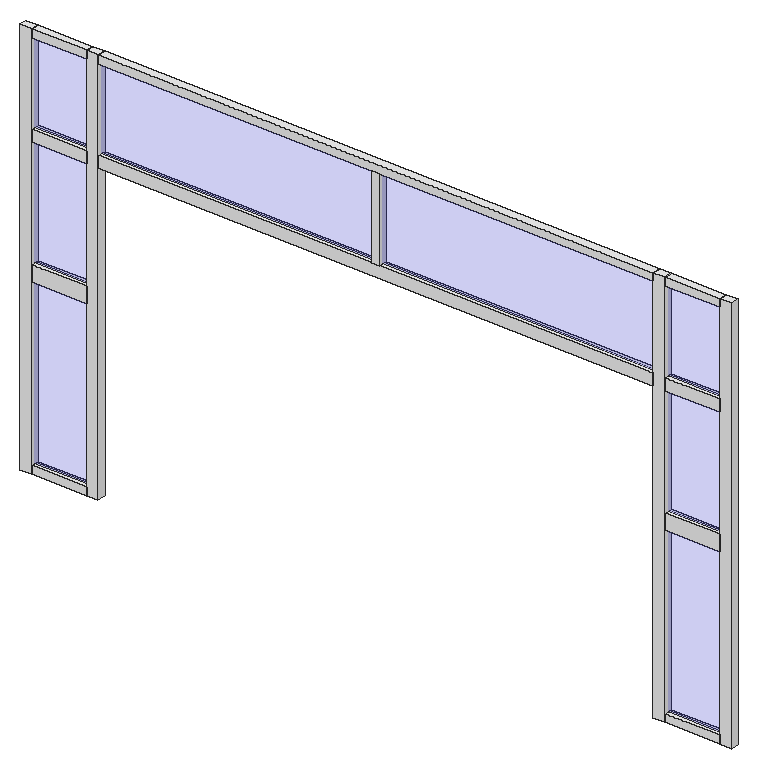
Revit family
Parameters (values of type "방풍실 문-1")
  프레임 = ""
  2프레임 = 상자 프레임
  철물 = ""
  Assembly Code = ""
  유리/마감 = ""
  유리 = 상자 유리
  위치/개소 = ""
  부호 = "2/AD"
  문번호 = "2"
  문기호 = "AD"
Reference planes
  plane 1 "중심(앞/뒤)": y = -200
  plane 2: z = 0
  plane 3 "중심(왼쪽/오른쪽)": x = -57.25
  plane 4: z = 5100
  plane 5: z = 100
  plane 6: z = 3950
  plane 7: z = 5000
  plane 8: x = 3492.75
  plane 9: x = 4492.75
  plane 10: x = 3642.75
  plane 11: x = 3492.75
  plane 12: x = 3492.75
  plane 13: x = -3607.25
  plane 14: x = -4607.25
  plane 15: x = -3607.25
  plane 16: x = -4457.25
  plane 17: x = -4607.25
  plane 18: z = 3800
  plane 19: y = -125
  plane 20: y = -275
  plane 21: y = -212.5
  plane 22: y = -187.5
  plane 23: y = -250
  plane 24: y = -150
  plane 25: x = -3757.25
  plane 26: x = 4342.75
  plane 27: z = 2200
  plane 28: z = 2400
Forms (mm)
  Extrusion 1, solid, material "상자 프레임" <- "2프레임"
    sketch origin (7946.617, -1796.317, 0) x (0, 1, 0) y (-1, 0, 0)
      loop
        line (1546.317, 4303.868) -> (1546.317, 3603.868) -> (1646.317, 3603.868) -> (1646.317, 4303.868) -> (1546.317, 4303.868)
    from 0 to 100
  Extrusion 2, solid, material "상자 프레임" <- "2프레임"
    sketch origin (7693.044, -1642.596, -140) x (0, 1, 0) y (-1, 0, 0)
      loop
        line (1392.596, 4050.295) -> (1392.596, 3350.295) -> (1492.596, 3350.295) -> (1492.596, 4050.295) -> (1392.596, 4050.295)
    from 3940 to 4090
  Extrusion 3, solid, material "상자 프레임" <- "2프레임"
    sketch origin (7693.044, -1642.596, 300) x (0, 1, 0) y (-1, 0, 0)
      loop
        line (1492.596, 4050.295) -> (1392.596, 4050.295) -> (1392.596, 3350.295) -> (1492.596, 3350.295) -> (1492.596, 4050.295)
    from 4700 to 4800
  Extrusion 4, solid, material "상자 프레임" <- "2프레임"
    sketch origin (7946.617, -1796.317, 0) x (0, 1, 0) y (-1, 0, 0)
      loop
        line (1646.317, 4453.868) -> (1546.317, 4453.868) -> (1546.317, 4303.868) -> (1646.317, 4303.868) -> (1646.317, 4453.868)
    from 0 to 5100
  Extrusion 5, solid, material "상자 유리" <- "유리"
    sketch origin (7946.617, -1796.317, 0) x (0, 1, 0) y (-1, 0, 0)
      loop
        line (1583.817, 3603.868) -> (1608.817, 3603.868) -> (1608.817, 4303.868) -> (1583.817, 4303.868) -> (1583.817, 3603.868)
    from 100 to 2200
  Extrusion 6, solid, material "상자 유리" <- "유리"
    sketch origin (7693.044, -1642.596, 0) x (0, 1, 0) y (-1, 0, 0)
      loop
        line (1430.096, 3350.295) -> (1455.096, 3350.295) -> (1455.096, 4050.295) -> (1430.096, 4050.295) -> (1430.096, 3350.295)
    from 3950 to 5000
  Extrusion 7, solid, material "상자 프레임" <- "2프레임"
    sketch origin (38.882, -1796.317, 0) x (0, 1, 0) y (-1, 0, 0)
      loop
        line (1646.317, -4453.868) -> (1646.317, -4303.868) -> (1546.317, -4303.868) -> (1546.317, -4453.868) -> (1646.317, -4453.868)
    from 0 to 5100
  Extrusion 8, solid, material "상자 프레임" <- "2프레임"
    sketch origin (-153.383, -1796.317, 0) x (0, 1, 0) y (-1, 0, 0)
      loop
        line (1546.317, 4303.868) -> (1546.317, 3603.868) -> (1646.317, 3603.868) -> (1646.317, 4303.868) -> (1546.317, 4303.868)
    from 0 to 100
  Extrusion 9, solid, material "상자 프레임" <- "2프레임"
    sketch origin (-406.956, -1642.596, -140) x (0, 1, 0) y (-1, 0, 0)
      loop
        line (1392.596, 4050.295) -> (1392.596, 3350.295) -> (1492.596, 3350.295) -> (1492.596, 4050.295) -> (1392.596, 4050.295)
    from 3940 to 4090
  Extrusion 10, solid, material "상자 프레임" <- "2프레임"
    sketch origin (-406.956, -1642.596, 300) x (0, 1, 0) y (-1, 0, 0)
      loop
        line (1492.596, 4050.295) -> (1392.596, 4050.295) -> (1392.596, 3350.295) -> (1492.596, 3350.295) -> (1492.596, 4050.295)
    from 4700 to 4800
  Extrusion 11, solid, material "상자 프레임" <- "2프레임"
    sketch origin (-153.383, -1796.317, 0) x (0, 1, 0) y (-1, 0, 0)
      loop
        line (1646.317, 4453.868) -> (1546.317, 4453.868) -> (1546.317, 4303.868) -> (1646.317, 4303.868) -> (1646.317, 4453.868)
    from 0 to 5100
  Extrusion 12, solid, material "상자 유리" <- "유리"
    sketch origin (-153.383, -1796.317, 0) x (0, 1, 0) y (-1, 0, 0)
      loop
        line (1583.817, 3603.868) -> (1608.817, 3603.868) -> (1608.817, 4303.868) -> (1583.817, 4303.868) -> (1583.817, 3603.868)
    from 100 to 2200
  Extrusion 13, solid, material "상자 유리" <- "유리"
    sketch origin (-406.956, -1642.596, 0) x (0, 1, 0) y (-1, 0, 0)
      loop
        line (1430.096, 3350.295) -> (1455.096, 3350.295) -> (1455.096, 4050.295) -> (1430.096, 4050.295) -> (1430.096, 3350.295)
    from 3950 to 5000
  Extrusion 14, solid, material "상자 프레임" <- "2프레임"
    sketch origin (-8061.118, -1796.317, 0) x (0, 1, 0) y (-1, 0, 0)
      loop
        line (1646.317, -4453.868) -> (1646.317, -4303.868) -> (1546.317, -4303.868) -> (1546.317, -4453.868) -> (1646.317, -4453.868)
    from 0 to 5100
  Extrusion 15, solid, material "상자 프레임" <- "2프레임"
    sketch origin (5528.547, -1524, 4000) x (0, -1, 0) y (-1, 0, 0)
      loop
        line (-1374, 9135.797) -> (-1374, 2035.797) -> (-1274, 2035.797) -> (-1274, 9135.797) -> (-1374, 9135.797)
    from 200 to 50
  Extrusion 16, solid, material "상자 프레임" <- "2프레임"
    sketch origin (5528.547, -1524, 5640) x (0, -1, 0) y (-1, 0, 0)
      loop
        line (-1374, 9135.797) -> (-1374, 2035.797) -> (-1274, 2035.797) -> (-1274, 9135.797) -> (-1374, 9135.797)
    from 640 to 540
  Extrusion 17, solid, material "상자 프레임" <- "2프레임"
    sketch origin (5528.547, -1524, 3800) x (0, -1, 0) y (-1, 0, 0)
      loop
        line (-1274, 5635.797) -> (-1374, 5635.797) -> (-1374, 5535.797) -> (-1274, 5535.797) -> (-1274, 5635.797)
    from -150 to -1200
  Extrusion 18, solid, material "상자 유리" <- "유리"
    sketch origin (-1234.03, -1524, 3950) x (0, -1, 0) y (-1, 0, 0)
      loop
        line (-1311.5, 2373.22) -> (-1336.5, 2373.22) -> (-1336.5, -1126.78) -> (-1311.5, -1126.78) -> (-1311.5, 2373.22)
      loop
        line (-1311.5, -1226.78) -> (-1336.5, -1226.78) -> (-1336.5, -4726.78) -> (-1311.5, -4726.78) -> (-1311.5, -1226.78)
    from 0 to -1050
  Extrusion 19, solid, material "상자 프레임" <- "2프레임"
    sketch origin (7693.044, -1642.596, -1740) x (0, 1, 0) y (-1, 0, 0)
      loop
        line (1392.596, 4050.295) -> (1392.596, 3350.295) -> (1492.596, 3350.295) -> (1492.596, 4050.295) -> (1392.596, 4050.295)
    from 3940 to 4140
  Extrusion 20, solid, material "상자 프레임" <- "2프레임"
    sketch origin (-406.956, -1642.596, -1740) x (0, 1, 0) y (-1, 0, 0)
      loop
        line (1392.596, 4050.295) -> (1392.596, 3350.295) -> (1492.596, 3350.295) -> (1492.596, 4050.295) -> (1392.596, 4050.295)
    from 3940 to 4140
  Extrusion 21, solid, material "상자 유리" <- "유리"
    sketch origin (-406.956, -1642.596, -1200) x (0, 1, 0) y (-1, 0, 0)
      loop
        line (1430.096, 3350.295) -> (1455.096, 3350.295) -> (1455.096, 4050.295) -> (1430.096, 4050.295) -> (1430.096, 3350.295)
    from 3600 to 5000
  Extrusion 22, solid, material "상자 유리" <- "유리"
    sketch origin (292.455, -1642.596, -1200) x (0, 1, 0) y (-1, 0, 0)
      loop
        line (1430.096, -3350.295) -> (1430.096, -4050.295) -> (1455.096, -4050.295) -> (1455.096, -3350.295) -> (1430.096, -3350.295)
    from 3600 to 5000
Dimensions and locks
  plane 5 to plane 2 = 100 mm
  plane 8 to plane 10 = 150 mm
  plane 4 to plane 6 = 1150 mm
  plane 4 to plane 2 = 5100 mm
  plane 14 to plane 16 = 150 mm
  plane 14 to plane 15 = 1000 mm
  plane 12 to plane 9 = 1000 mm
  equal spacing: plane 24, plane 1 "중심(앞/뒤)", plane 23
  locked: plane 24 to plane 23 at 100
  plane 25 to plane 15 = 150 mm
  plane 26 to plane 9 = 150 mm
  plane 14 to plane 9 = 9100 mm
  plane 13 to plane 3 "중심(왼쪽/오른쪽)" = 3550 mm
  plane 3 "중심(왼쪽/오른쪽)" to plane 12 = 3550 mm
  locked: plane 4 to plane 7 at 100
  plane 6 to plane 18 = 150 mm
  plane 4 to plane 18 = 1300 mm
  plane 27 to plane 2 = 2200 mm
  plane 28 to plane 27 = 200 mm
  aligned and locked: Extrusion 3 to plane 4
  aligned and locked: plane 7 to Extrusion 3
  aligned and locked: Extrusion 2 to plane 6
  aligned and locked: plane 6 to Extrusion 6
  aligned and locked: plane 11 to Extrusion 4
  aligned and locked: plane 10 to Extrusion 5
  aligned and locked: Extrusion 1 to Extrusion 7
  aligned and locked: Extrusion 5 to Extrusion 7
  aligned and locked: Extrusion 3 to Extrusion 7
  aligned and locked: Extrusion 3 to Extrusion 4
  aligned and locked: Extrusion 2 to Extrusion 3
  aligned and locked: Extrusion 7 to plane 4
  aligned and locked: Extrusion 4 to plane 4
  aligned and locked: Extrusion 1 to Extrusion 4
  aligned and locked: Extrusion 6 to plane 7
  aligned and locked: plane 17 to Extrusion 11
  aligned and locked: plane 16 to Extrusion 12
  aligned and locked: Extrusion 8 to Extrusion 14
  aligned and locked: Extrusion 12 to Extrusion 14
  aligned and locked: Extrusion 10 to Extrusion 14
  aligned and locked: Extrusion 10 to Extrusion 11
  aligned and locked: Extrusion 9 to Extrusion 10  (x3)
  aligned and locked: Extrusion 8 to Extrusion 11
  aligned and locked: plane 6 to Extrusion 13
  aligned and locked: Extrusion 14 to plane 4
  aligned and locked: Extrusion 11 to plane 4
  aligned and locked: Extrusion 13 to plane 7
  aligned and locked: Extrusion 15 sketch curve to Extrusion 14
  aligned and locked: Extrusion 14 to Extrusion 15 sketch curve
  aligned and locked: Extrusion 4 to Extrusion 15 sketch curve
  aligned and locked: Extrusion 15 sketch curve to plane 11
  aligned and locked: Extrusion 15 to plane 6
  aligned and locked: Extrusion 17 to plane 7
  aligned and locked: plane 21 to Extrusion 18 sketch curve
  aligned and locked: plane 22 to Extrusion 18 sketch curve  (x2)
  aligned and locked: Extrusion 18 sketch curve to plane 21
  aligned and locked: Extrusion 18 to plane 7
  aligned and locked: plane 15 to Extrusion 18 sketch curve
  aligned and locked: plane 12 to Extrusion 18 sketch curve
  aligned and locked: Extrusion 18 to Extrusion 17  (x2)
  aligned and locked: plane 24 to Extrusion 1
  aligned and locked: plane 24 to Extrusion 7
  aligned and locked: Extrusion 1 to plane 23
  aligned and locked: Extrusion 7 to plane 23
  aligned and locked: Extrusion 4 to plane 23
  aligned and locked: plane 24 to Extrusion 4
  aligned and locked: plane 24 to Extrusion 14
  aligned and locked: plane 24 to Extrusion 8
  aligned and locked: Extrusion 14 to plane 23
  aligned and locked: Extrusion 8 to plane 23
  aligned and locked: Extrusion 11 to plane 23
  aligned and locked: plane 24 to Extrusion 11
  aligned and locked: Extrusion 10 to Extrusion 8  (x2)
  aligned and locked: Extrusion 3 to plane 23
  aligned and locked: Extrusion 2 to plane 23
  aligned and locked: plane 24 to Extrusion 3
  aligned and locked: plane 24 to Extrusion 2
  aligned and locked: plane 24 to Extrusion 16
  aligned and locked: Extrusion 16 to plane 23
  aligned and locked: plane 25 to Extrusion 14
  aligned and locked: Extrusion 13 to plane 25
  aligned and locked: Extrusion 9 to plane 25
  aligned and locked: plane 26 to Extrusion 1
  aligned and locked: Extrusion 6 to plane 26
  aligned and locked: Extrusion 2 to plane 26
  aligned and locked: Extrusion 16 to Extrusion 17 sketch curve  (x2)
  aligned and locked: Extrusion 10 to Extrusion 13
  aligned and locked: Extrusion 16 to Extrusion 18
  aligned and locked: Extrusion 10 to plane 4
  aligned and locked: Extrusion 16 to plane 4
  aligned and locked: Extrusion 9 to Extrusion 13
  aligned and locked: plane 18 to Extrusion 15
  aligned and locked: plane 18 to Extrusion 2
  aligned and locked: Extrusion 8 to plane 5
  aligned and locked: Extrusion 12 to plane 5
  aligned and locked: Extrusion 1 to plane 5
  aligned and locked: plane 5 to Extrusion 5
  aligned and locked: plane 6 to Extrusion 17
  aligned and locked: plane 28 to Extrusion 20
  aligned and locked: plane 28 to Extrusion 19
  aligned and locked: plane 27 to Extrusion 5
  aligned and locked: Extrusion 20 to plane 27
  aligned and locked: Extrusion 21 to Extrusion 20
Automatic sketch dimensions
  Extrusion 1 sketch curve to plane 23 = 0 mm
  Extrusion 1 sketch curve to plane 24 = 0 mm
  Extrusion 1 sketch curve to plane 26 = 0 mm
  Extrusion 1 sketch curve to plane 10 = 0 mm
  Extrusion 2 sketch curve to plane 23 = 0 mm
  Extrusion 2 sketch curve to plane 24 = 0 mm
  Extrusion 2 sketch curve to plane 26 = 0 mm
  Extrusion 2 sketch curve to plane 10 = 0 mm
  Extrusion 3 sketch curve to plane 10 = 0 mm
  Extrusion 3 sketch curve to plane 23 = 0 mm
  Extrusion 3 sketch curve to plane 24 = 0 mm
  Extrusion 3 sketch curve to plane 26 = 0 mm
  Extrusion 4 sketch curve to plane 8 = 0 mm
  Extrusion 4 sketch curve to plane 23 = 0 mm
  Extrusion 4 sketch curve to plane 10 = 0 mm
  Extrusion 4 sketch curve to plane 24 = 0 mm
  Extrusion 5 sketch curve to plane 10 = 0 mm
  Extrusion 5 sketch curve to plane 26 = 0 mm
  plane 1 "중심(앞/뒤)" to Extrusion 5 sketch curve = 12.5 mm
  Extrusion 5 sketch curve to plane 1 "중심(앞/뒤)" = 12.5 mm
  Extrusion 6 sketch curve to plane 10 = 0 mm
  Extrusion 6 sketch curve to plane 26 = 0 mm
  plane 1 "중심(앞/뒤)" to Extrusion 6 sketch curve = 12.5 mm
  Extrusion 6 sketch curve to plane 1 "중심(앞/뒤)" = 12.5 mm
  Extrusion 7 sketch curve to plane 9 = 0 mm
  Extrusion 7 sketch curve to plane 23 = 0 mm
  Extrusion 7 sketch curve to plane 24 = 0 mm
  Extrusion 7 sketch curve to plane 26 = 0 mm
  Extrusion 8 sketch curve to plane 23 = 0 mm
  Extrusion 8 sketch curve to plane 24 = 0 mm
  Extrusion 8 sketch curve to plane 25 = 0 mm
  Extrusion 8 sketch curve to plane 16 = 0 mm
  Extrusion 9 sketch curve to plane 23 = 0 mm
  Extrusion 9 sketch curve to plane 24 = 0 mm
  Extrusion 9 sketch curve to plane 25 = 0 mm
  Extrusion 9 sketch curve to plane 16 = 0 mm
  Extrusion 10 sketch curve to plane 16 = 0 mm
  Extrusion 10 sketch curve to plane 23 = 0 mm
  Extrusion 10 sketch curve to plane 24 = 0 mm
  Extrusion 10 sketch curve to plane 25 = 0 mm
  Extrusion 11 sketch curve to plane 14 = 0 mm
  Extrusion 11 sketch curve to plane 23 = 0 mm
  Extrusion 11 sketch curve to plane 16 = 0 mm
  Extrusion 11 sketch curve to plane 24 = 0 mm
  Extrusion 12 sketch curve to plane 16 = 0 mm
  Extrusion 12 sketch curve to plane 25 = 0 mm
  plane 1 "중심(앞/뒤)" to Extrusion 12 sketch curve = 12.5 mm
  Extrusion 12 sketch curve to plane 1 "중심(앞/뒤)" = 12.5 mm
  Extrusion 13 sketch curve to plane 16 = 0 mm
  Extrusion 13 sketch curve to plane 25 = 0 mm
  plane 1 "중심(앞/뒤)" to Extrusion 13 sketch curve = 12.5 mm
  Extrusion 13 sketch curve to plane 1 "중심(앞/뒤)" = 12.5 mm
  Extrusion 14 sketch curve to plane 13 = 0 mm
  Extrusion 14 sketch curve to plane 23 = 0 mm
  Extrusion 14 sketch curve to plane 24 = 0 mm
  Extrusion 14 sketch curve to plane 25 = 0 mm
  Extrusion 16 sketch curve to plane 8 = 0 mm
  Extrusion 16 sketch curve to plane 24 = 0 mm
  Extrusion 16 sketch curve to plane 13 = 0 mm
  Extrusion 16 sketch curve to plane 23 = 0 mm
  Extrusion 17 sketch curve to plane 3 "중심(왼쪽/오른쪽)" = 50 mm
  plane 3 "중심(왼쪽/오른쪽)" to Extrusion 17 sketch curve = 50 mm
  Extrusion 18 sketch curve to plane 3 "중심(왼쪽/오른쪽)" = 50 mm
  plane 3 "중심(왼쪽/오른쪽)" to Extrusion 18 sketch curve = 50 mm
  Extrusion 19 sketch curve to plane 23 = 0 mm
  Extrusion 19 sketch curve to plane 24 = 0 mm
  Extrusion 19 sketch curve to plane 26 = 0 mm
  Extrusion 19 sketch curve to plane 10 = 0 mm
  Extrusion 20 sketch curve to plane 23 = 0 mm
  Extrusion 20 sketch curve to plane 24 = 0 mm
  Extrusion 20 sketch curve to plane 25 = 0 mm
  Extrusion 20 sketch curve to plane 16 = 0 mm
  Extrusion 21 sketch curve to plane 16 = 0 mm
  Extrusion 21 sketch curve to plane 25 = 0 mm
  plane 1 "중심(앞/뒤)" to Extrusion 21 sketch curve = 12.5 mm
  Extrusion 21 sketch curve to plane 1 "중심(앞/뒤)" = 12.5 mm
  Extrusion 22 sketch curve to plane 26 = 0 mm
  Extrusion 22 sketch curve to plane 10 = 0 mm
  plane 1 "중심(앞/뒤)" to Extrusion 22 sketch curve = 12.5 mm
  Extrusion 22 sketch curve to plane 1 "중심(앞/뒤)" = 12.5 mm
